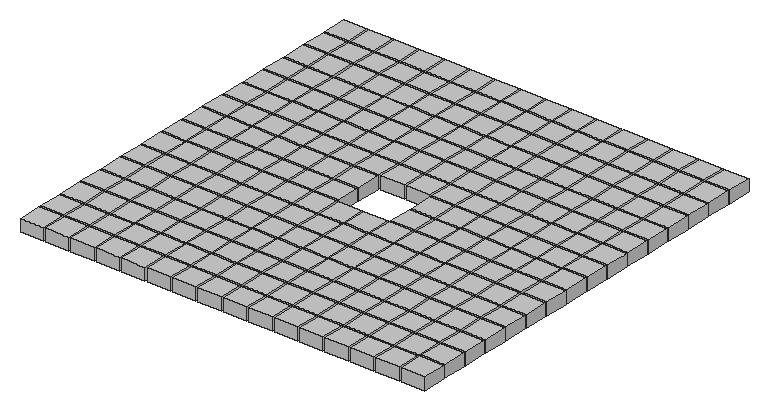
Revit family "Alcorque Ecológico", category Furniture, Revit 2020 (continued)
Reference planes (m)
  plane 4303: y = -0.5
  plane 4304: y = -0.625
  plane 4305: x = 0.75
  plane 4306: x = 0.875
  plane 4307: x = 1
  plane 4308: x = 1.25
  plane 4309: x = 1.375
  plane 4310: x = 1.5
  plane 4311: y = 0.125
  plane 4312: y = 0
  plane 4313: y = -0.125
  plane 4314: y = -0.375
  plane 4315: y = -0.5
  plane 4316: y = -0.625
  plane 4317: x = 0.875
  plane 4318: x = 1
  plane 4319: x = 1.125
  plane 4320: x = 1.375
  plane 4321: x = 1.5
  plane 4322: x = 1.625
  plane 4323: y = 0.125
  plane 4324: y = 0
  plane 4325: y = -0.125
  plane 4326: y = -0.375
  plane 4327: y = -0.5
  plane 4328: y = -0.625
  plane 4329: x = 1
  plane 4330: x = 1.125
  plane 4331: x = 1.25
  plane 4332: x = 1.5
  plane 4333: x = 1.625
  plane 4334: x = 1.75
  plane 4335: y = 0.125
  plane 4336: y = 0
  plane 4337: y = -0.125
  plane 4338: y = -0.375
  plane 4339: y = -0.5
  plane 4340: y = -0.625
  plane 4341: x = 0.625
  plane 4342: x = 0.75
  plane 4343: x = 0.875
  plane 4344: x = 1.125
  plane 4345: x = 1.25
  plane 4346: x = 1.375
  plane 4347: y = 0
  plane 4348: y = -0.125
  plane 4349: y = -0.25
  plane 4350: y = -0.5
  plane 4351: y = -0.625
  plane 4352: y = -0.75
  plane 4353: x = 0.75
  plane 4354: x = 0.875
  plane 4355: x = 1
  plane 4356: x = 1.25
  plane 4357: x = 1.375
  plane 4358: x = 1.5
  plane 4359: y = 0
  plane 4360: y = -0.125
  plane 4361: y = -0.25
  plane 4362: y = -0.5
  plane 4363: y = -0.625
  plane 4364: y = -0.75
  plane 4365: x = 0.875
  plane 4366: x = 1
  plane 4367: x = 1.125
  plane 4368: x = 1.375
  plane 4369: x = 1.5
  plane 4370: x = 1.625
  plane 4371: y = 0
  plane 4372: y = -0.125
  plane 4373: y = -0.25
  plane 4374: y = -0.5
  plane 4375: y = -0.625
  plane 4376: y = -0.75
  plane 4377: x = 1
  plane 4378: x = 1.125
  plane 4379: x = 1.25
  plane 4380: x = 1.5
  plane 4381: x = 1.625
  plane 4382: x = 1.75
  plane 4383: y = 0
  plane 4384: y = -0.125
  plane 4385: y = -0.25
  plane 4386: y = -0.5
  plane 4387: y = -0.625
  plane 4388: y = -0.75
  plane 4389: x = 0.625
  plane 4390: x = 0.75
  plane 4391: x = 0.875
  plane 4392: x = 1.125
  plane 4393: x = 1.25
  plane 4394: x = 1.375
  plane 4395: y = 0.5
  plane 4396: y = 0.375
  plane 4397: y = 0.25
  plane 4398: y = 0
  plane 4399: y = -0.125
  plane 4400: y = -0.25
  plane 4401: x = 0.625
  plane 4402: x = 0.75
  plane 4403: x = 0.875
  plane 4404: x = 1.125
  plane 4405: x = 1.25
  plane 4406: x = 1.375
  plane 4407: y = 0.375
  plane 4408: y = 0.25
  plane 4409: y = 0.125
  plane 4410: y = -0.125
  plane 4411: y = -0.25
  plane 4412: y = -0.375
  plane 4413: x = 0.75
  plane 4414: x = 0.875
  plane 4415: x = 1
  plane 4416: x = 1.25
  plane 4417: x = 1.375
  plane 4418: x = 1.5
  plane 4419: y = -0.125
  plane 4420: y = -0.25
  plane 4421: y = -0.375
  plane 4422: y = -0.625
  plane 4423: y = -0.75
  plane 4424: y = -0.875
  plane 4425: x = 0.875
  plane 4426: x = 1
  plane 4427: x = 1.125
  plane 4428: x = 1.375
  plane 4429: x = 1.5
  plane 4430: x = 1.625
  plane 4431: y = -0.125
  plane 4432: y = -0.25
  plane 4433: y = -0.375
  plane 4434: y = -0.625
  plane 4435: y = -0.75
  plane 4436: y = -0.875
  plane 4437: x = 1
  plane 4438: x = 1.125
  plane 4439: x = 1.25
  plane 4440: x = 1.5
  plane 4441: x = 1.625
  plane 4442: x = 1.75
  plane 4443: y = -0.125
  plane 4444: y = -0.25
  plane 4445: y = -0.375
  plane 4446: y = -0.625
  plane 4447: y = -0.75
  plane 4448: y = -0.875
  plane 4449: x = 0.625
  plane 4450: x = 0.75
  plane 4451: x = 0.875
  plane 4452: x = 1.125
  plane 4453: x = 1.25
  plane 4454: x = 1.375
  plane 4455: y = -0.25
  plane 4456: y = -0.375
  plane 4457: y = -0.5
  plane 4458: y = -0.75
  plane 4459: y = -0.875
  plane 4460: y = -1
  plane 4461: x = 0.75
  plane 4462: x = 0.875
  plane 4463: x = 1
  plane 4464: x = 1.25
  plane 4465: x = 1.375
  plane 4466: x = 1.5
  plane 4467: y = -0.25
  plane 4468: y = -0.375
  plane 4469: y = -0.5
  plane 4470: y = -0.75
  plane 4471: y = -0.875
  plane 4472: y = -1
  plane 4473: x = 0.875
  plane 4474: x = 1
  plane 4475: x = 1.125
  plane 4476: x = 1.375
  plane 4477: x = 1.5
  plane 4478: x = 1.625
  plane 4479: y = -0.25
  plane 4480: y = -0.375
  plane 4481: y = -0.5
  plane 4482: y = -0.75
  plane 4483: y = -0.875
  plane 4484: y = -1
  plane 4485: x = 1
  plane 4486: x = 1.125
  plane 4487: x = 1.25
  plane 4488: x = 1.5
  plane 4489: x = 1.625
  plane 4490: x = 1.75
  plane 4491: y = -0.25
  plane 4492: y = -0.375
  plane 4493: y = -0.5
  plane 4494: y = -0.75
  plane 4495: y = -0.875
  plane 4496: y = -1
  plane 4497: x = 0.625
  plane 4498: x = 0.75
  plane 4499: x = 0.875
  plane 4500: x = 1.125
  plane 4501: x = 1.25
  plane 4502: x = 1.375
  plane 4503: y = -0.375
  plane 4504: y = -0.5
  plane 4505: y = -0.625
  plane 4506: y = -0.875
  plane 4507: y = -1
  plane 4508: y = -1.125
  plane 4509: x = 0.75
  plane 4510: x = 0.875
  plane 4511: x = 1
  plane 4512: x = 1.25
  plane 4513: x = 1.375
  plane 4514: x = 1.5
  plane 4515: y = -0.375
  plane 4516: y = -0.5
  plane 4517: y = -0.625
  plane 4518: y = -0.875
  plane 4519: y = -1
  plane 4520: y = -1.125
  plane 4521: x = 0.875
  plane 4522: x = 1
  plane 4523: x = 1.125
  plane 4524: x = 1.375
  plane 4525: x = 1.5
  plane 4526: x = 1.625
  plane 4527: y = -0.375
  plane 4528: y = -0.5
  plane 4529: y = -0.625
  plane 4530: y = -0.875
  plane 4531: y = -1
  plane 4532: y = -1.125
  plane 4533: x = 1
  plane 4534: x = 1.125
  plane 4535: x = 1.25
  plane 4536: x = 1.5
  plane 4537: x = 1.625
  plane 4538: x = 1.75
  plane 4539: y = -0.375
  plane 4540: y = -0.5
  plane 4541: y = -0.625
  plane 4542: y = -0.875
  plane 4543: y = -1
  plane 4544: y = -1.125
  plane 4545: x = 0.625
  plane 4546: x = 0.75
  plane 4547: x = 0.875
  plane 4548: x = 1.125
  plane 4549: x = 1.25
  plane 4550: x = 1.375
  plane 4551: y = -0.5
  plane 4552: y = -0.625
  plane 4553: y = -0.75
  plane 4554: y = -1
  plane 4555: y = -1.125
  plane 4556: y = -1.25
  plane 4557: x = 0.75
  plane 4558: x = 0.875
  plane 4559: x = 1
  plane 4560: x = 1.25
  plane 4561: x = 1.375
  plane 4562: x = 1.5
  plane 4563: y = -0.5
  plane 4564: y = -0.625
  plane 4565: y = -0.75
  plane 4566: y = -1
  plane 4567: y = -1.125
  plane 4568: y = -1.25
  plane 4569: x = 0.875
  plane 4570: x = 1
  plane 4571: x = 1.125
  plane 4572: x = 1.375
  plane 4573: x = 1.5
  plane 4574: x = 1.625
  plane 4575: y = -0.5
  plane 4576: y = -0.625
  plane 4577: y = -0.75
  plane 4578: y = -1
  plane 4579: y = -1.125
  plane 4580: y = -1.25
  plane 4581: x = 1
  plane 4582: x = 1.125
  plane 4583: x = 1.25
  plane 4584: x = 1.5
  plane 4585: x = 1.625
  plane 4586: x = 1.75
  plane 4587: y = -0.5
  plane 4588: y = -0.625
  plane 4589: y = -0.75
  plane 4590: y = -1
  plane 4591: y = -1.125
  plane 4592: y = -1.25
  plane 4593: x = 0.625
  plane 4594: x = 0.75
  plane 4595: x = 0.875
  plane 4596: x = 1.125
  plane 4597: x = 1.25
  plane 4598: x = 1.375
  plane 4599: y = -0.125
  plane 4600: y = -0.25
  plane 4601: y = -0.375
  plane 4602: y = -0.625
  plane 4603: y = -0.75
  plane 4604: y = -0.875
  plane 4605: x = -0.875
  plane 4606: x = -0.75
  plane 4607: x = -0.625
  plane 4608: x = -0.375
  plane 4609: x = -0.25
  plane 4610: x = -0.125
  plane 4611: y = -0.625
  plane 4612: y = -0.75
  plane 4613: y = -0.875
  plane 4614: y = -1.125
  plane 4615: y = -1.25
  plane 4616: y = -1.375
  plane 4617: x = -0.75
  plane 4618: x = -0.625
  plane 4619: x = -0.5
  plane 4620: x = -0.25
  plane 4621: x = -0.125
  plane 4622: x = 0
  plane 4623: y = -0.625
  plane 4624: y = -0.75
  plane 4625: y = -0.875
  plane 4626: y = -1.125
  plane 4627: y = -1.25
  plane 4628: y = -1.375
  plane 4629: x = -0.625
  plane 4630: x = -0.5
  plane 4631: x = -0.375
  plane 4632: x = -0.125
  plane 4633: x = 0
  plane 4634: x = 0.125
  plane 4635: y = -0.625
  plane 4636: y = -0.75
  plane 4637: y = -0.875
  plane 4638: y = -1.125
  plane 4639: y = -1.25
  plane 4640: y = -1.375
  plane 4641: x = -0.25
  plane 4642: x = -0.125
  plane 4643: x = 0
  plane 4644: x = 0.25
  plane 4645: x = 0.375
  plane 4646: x = 0.5
  plane 4647: y = -0.625
  plane 4648: y = -0.75
  plane 4649: y = -0.875
  plane 4650: y = -1.125
  plane 4651: y = -1.25
  plane 4652: y = -1.375
  plane 4653: x = -0.125
  plane 4654: x = 0
  plane 4655: x = 0.125
  plane 4656: x = 0.375
  plane 4657: x = 0.5
  plane 4658: x = 0.625
  plane 4659: y = -0.625
  plane 4660: y = -0.75
  plane 4661: y = -0.875
  plane 4662: y = -1.125
  plane 4663: y = -1.25
  plane 4664: y = -1.375
  plane 4665: x = 0
  plane 4666: x = 0.125
  plane 4667: x = 0.25
  plane 4668: x = 0.5
  plane 4669: x = 0.625
  plane 4670: x = 0.75
  plane 4671: y = -0.625
  plane 4672: y = -0.75
  plane 4673: y = -0.875
  plane 4674: y = -1.125
  plane 4675: y = -1.25
  plane 4676: y = -1.375
  plane 4677: x = -0.875
  plane 4678: x = -0.75
  plane 4679: x = -0.625
  plane 4680: x = -0.375
  plane 4681: x = -0.25
  plane 4682: x = -0.125
  plane 4683: y = -0.75
  plane 4684: y = -0.875
  plane 4685: y = -1
  plane 4686: y = -1.25
  plane 4687: y = -1.375
  plane 4688: y = -1.5
  plane 4689: x = -0.75
  plane 4690: x = -0.625
  plane 4691: x = -0.5
  plane 4692: x = -0.25
  plane 4693: x = -0.125
  plane 4694: x = 0
  plane 4695: y = -0.75
  plane 4696: y = -0.875
  plane 4697: y = -1
  plane 4698: y = -1.25
  plane 4699: y = -1.375
  plane 4700: y = -1.5
  plane 4701: x = -0.625
  plane 4702: x = -0.5
  plane 4703: x = -0.375
  plane 4704: x = -0.125
  plane 4705: x = 0
  plane 4706: x = 0.125
  plane 4707: y = -0.75
  plane 4708: y = -0.875
  plane 4709: y = -1
  plane 4710: y = -1.25
  plane 4711: y = -1.375
  plane 4712: y = -1.5
  plane 4713: x = -0.5
  plane 4714: x = -0.375
  plane 4715: x = -0.25
  plane 4716: x = 0
  plane 4717: x = 0.125
  plane 4718: x = 0.25
  plane 4719: y = -0.75
  plane 4720: y = -0.875
  plane 4721: y = -1
  plane 4722: y = -1.25
  plane 4723: y = -1.375
  plane 4724: y = -1.5
  plane 4725: x = -0.375
  plane 4726: x = -0.25
  plane 4727: x = -0.125
  plane 4728: x = 0.125
  plane 4729: x = 0.25
  plane 4730: x = 0.375
  plane 4731: y = -0.75
  plane 4732: y = -0.875
  plane 4733: y = -1
  plane 4734: y = -1.25
  plane 4735: y = -1.375
  plane 4736: y = -1.5
  plane 4737: x = -0.25
  plane 4738: x = -0.125
  plane 4739: x = 0
  plane 4740: x = 0.25
  plane 4741: x = 0.375
  plane 4742: x = 0.5
  plane 4743: y = -0.75
  plane 4744: y = -0.875
  plane 4745: y = -1
  plane 4746: y = -1.25
  plane 4747: y = -1.375
  plane 4748: y = -1.5
  plane 4749: x = -0.125
  plane 4750: x = 0
  plane 4751: x = 0.125
  plane 4752: x = 0.375
  plane 4753: x = 0.5
  plane 4754: x = 0.625
  plane 4755: y = -0.75
  plane 4756: y = -0.875
  plane 4757: y = -1
  plane 4758: y = -1.25
  plane 4759: y = -1.375
  plane 4760: y = -1.5
  plane 4761: x = 0
  plane 4762: x = 0.125
  plane 4763: x = 0.25
  plane 4764: x = 0.5
  plane 4765: x = 0.625
  plane 4766: x = 0.75
  plane 4767: y = -0.75
  plane 4768: y = -0.875
  plane 4769: y = -1
  plane 4770: y = -1.25
  plane 4771: y = -1.375
  plane 4772: y = -1.5
  plane 4773: x = -0.875
  plane 4774: x = -0.75
  plane 4775: x = -0.625
  plane 4776: x = -0.375
  plane 4777: x = -0.25
  plane 4778: x = -0.125
  plane 4779: y = -0.875
  plane 4780: y = -1
  plane 4781: y = -1.125
  plane 4782: y = -1.375
  plane 4783: y = -1.5
  plane 4784: y = -1.625
  plane 4785: x = -0.75
  plane 4786: x = -0.625
  plane 4787: x = -0.5
  plane 4788: x = -0.25
  plane 4789: x = -0.125
  plane 4790: x = 0
  plane 4791: y = -0.875
  plane 4792: y = -1
  plane 4793: y = -1.125
  plane 4794: y = -1.375
  plane 4795: y = -1.5
  plane 4796: y = -1.625
  plane 4797: x = -0.625
  plane 4798: x = -0.5
  plane 4799: x = -0.375
  plane 4800: x = -0.125
  plane 4801: x = 0
  plane 4802: x = 0.125
  plane 4803: y = -0.875
  plane 4804: y = -1
  plane 4805: y = -1.125
  plane 4806: y = -1.375
  plane 4807: y = -1.5
  plane 4808: y = -1.625
  plane 4809: x = -0.5
  plane 4810: x = -0.375
  plane 4811: x = -0.25
  plane 4812: x = 0
  plane 4813: x = 0.125
  plane 4814: x = 0.25
  plane 4815: y = -0.875
  plane 4816: y = -1
  plane 4817: y = -1.125
  plane 4818: y = -1.375
  plane 4819: y = -1.5
  plane 4820: y = -1.625
  plane 4821: x = -0.375
  plane 4822: x = -0.25
  plane 4823: x = -0.125
  plane 4824: x = 0.125
  plane 4825: x = 0.25
  plane 4826: x = 0.375
  plane 4827: y = -0.875
  plane 4828: y = -1
  plane 4829: y = -1.125
  plane 4830: y = -1.375
  plane 4831: y = -1.5
  plane 4832: y = -1.625
  plane 4833: x = -0.25
  plane 4834: x = -0.125
  plane 4835: x = 0
  plane 4836: x = 0.25
  plane 4837: x = 0.375
  plane 4838: x = 0.5
  plane 4839: y = -0.875
  plane 4840: y = -1
  plane 4841: y = -1.125
  plane 4842: y = -1.375
  plane 4843: y = -1.5
  plane 4844: y = -1.625
  plane 4845: x = -0.125
  plane 4846: x = 0
  plane 4847: x = 0.125
  plane 4848: x = 0.375
  plane 4849: x = 0.5
  plane 4850: x = 0.625
  plane 4851: y = -0.875
  plane 4852: y = -1
  plane 4853: y = -1.125
  plane 4854: y = -1.375
  plane 4855: y = -1.5
  plane 4856: y = -1.625
  plane 4857: x = 0
  plane 4858: x = 0.125
  plane 4859: x = 0.25
  plane 4860: x = 0.5
  plane 4861: x = 0.625
  plane 4862: x = 0.75
  plane 4863: y = -0.875
  plane 4864: y = -1
  plane 4865: y = -1.125
  plane 4866: y = -1.375
  plane 4867: y = -1.5
  plane 4868: y = -1.625
  plane 4869: x = -0.875
  plane 4870: x = -0.75
  plane 4871: x = -0.625
  plane 4872: x = -0.375
  plane 4873: x = -0.25
  plane 4874: x = -0.125
  plane 4875: y = -1
  plane 4876: y = -1.125
  plane 4877: y = -1.25
  plane 4878: y = -1.5
  plane 4879: y = -1.625
  plane 4880: y = -1.75
  plane 4881: x = -0.75
  plane 4882: x = -0.625
  plane 4883: x = -0.5
  plane 4884: x = -0.25
  plane 4885: x = -0.125
  plane 4886: x = 0
  plane 4887: y = -1
  plane 4888: y = -1.125
  plane 4889: y = -1.25
  plane 4890: y = -1.5
  plane 4891: y = -1.625
  plane 4892: y = -1.75
  plane 4893: x = -0.625
  plane 4894: x = -0.5
  plane 4895: x = -0.375
  plane 4896: x = -0.125
  plane 4897: x = 0
  plane 4898: x = 0.125
  plane 4899: y = -1
  plane 4900: y = -1.125
  plane 4901: y = -1.25
  plane 4902: y = -1.5
  plane 4903: y = -1.625
  plane 4904: y = -1.75
  plane 4905: x = -0.5
  plane 4906: x = -0.375
  plane 4907: x = -0.25
  plane 4908: x = 0
  plane 4909: x = 0.125
  plane 4910: x = 0.25
  plane 4911: y = -1
  plane 4912: y = -1.125
  plane 4913: y = -1.25
  plane 4914: y = -1.5
  plane 4915: y = -1.625
  plane 4916: y = -1.75
  plane 4917: x = -0.375
  plane 4918: x = -0.25
  plane 4919: x = -0.125
  plane 4920: x = 0.125
  plane 4921: x = 0.25
  plane 4922: x = 0.375
  plane 4923: y = -1
  plane 4924: y = -1.125
  plane 4925: y = -1.25
  plane 4926: y = -1.5
  plane 4927: y = -1.625
  plane 4928: y = -1.75
  plane 4929: x = -0.25
  plane 4930: x = -0.125
  plane 4931: x = 0
  plane 4932: x = 0.25
  plane 4933: x = 0.375
  plane 4934: x = 0.5
  plane 4935: y = -1
  plane 4936: y = -1.125
  plane 4937: y = -1.25
  plane 4938: y = -1.5
  plane 4939: y = -1.625
  plane 4940: y = -1.75
  plane 4941: x = -0.125
  plane 4942: x = 0
  plane 4943: x = 0.125
  plane 4944: x = 0.375
  plane 4945: x = 0.5
  plane 4946: x = 0.625
  plane 4947: y = -1
  plane 4948: y = -1.125
  plane 4949: y = -1.25
  plane 4950: y = -1.5
  plane 4951: y = -1.625
  plane 4952: y = -1.75
  plane 4953: x = 0
  plane 4954: x = 0.125
  plane 4955: x = 0.25
  plane 4956: x = 0.5
  plane 4957: x = 0.625
  plane 4958: x = 0.75
  plane 4959: y = -1
  plane 4960: y = -1.125
  plane 4961: y = -1.25
  plane 4962: y = -1.5
  plane 4963: y = -1.625
  plane 4964: y = -1.75
  plane 4965: x = 0.25
  plane 4966: x = 0.375
  plane 4967: x = 0.5
  plane 4968: x = 0.75
  plane 4969: x = 0.875
  plane 4970: x = 1
  plane 4971: y = -0.625
  plane 4972: y = -0.75
  plane 4973: y = -0.875
  plane 4974: y = -1.125
  plane 4975: y = -1.25
  plane 4976: y = -1.375
  plane 4977: x = 0.375
  plane 4978: x = 0.5
  plane 4979: x = 0.625
  plane 4980: x = 0.875
  plane 4981: x = 1
  plane 4982: x = 1.125
  plane 4983: y = -0.625
  plane 4984: y = -0.75
  plane 4985: y = -0.875
  plane 4986: y = -1.125
  plane 4987: y = -1.25
  plane 4988: y = -1.375
  plane 4989: x = 0.5
  plane 4990: x = 0.625
  plane 4991: x = 0.75
  plane 4992: x = 1
  plane 4993: x = 1.125
  plane 4994: x = 1.25
  plane 4995: y = -0.625
  plane 4996: y = -0.75
  plane 4997: y = -0.875
  plane 4998: y = -1.125
  plane 4999: y = -1.25
  plane 5000: y = -1.375
  plane 5001: x = 0.125
  plane 5002: x = 0.25
  plane 5003: x = 0.375
  plane 5004: x = 0.625
  plane 5005: x = 0.75
  plane 5006: x = 0.875
  plane 5007: y = -0.75
  plane 5008: y = -0.875
  plane 5009: y = -1
  plane 5010: y = -1.25
  plane 5011: y = -1.375
  plane 5012: y = -1.5
  plane 5013: x = 0.25
  plane 5014: x = 0.375
  plane 5015: x = 0.5
  plane 5016: x = 0.75
  plane 5017: x = 0.875
  plane 5018: x = 1
  plane 5019: y = -0.75
  plane 5020: y = -0.875
  plane 5021: y = -1
  plane 5022: y = -1.25
  plane 5023: y = -1.375
  plane 5024: y = -1.5
  plane 5025: x = 0.375
  plane 5026: x = 0.5
  plane 5027: x = 0.625
  plane 5028: x = 0.875
  plane 5029: x = 1
  plane 5030: x = 1.125
  plane 5031: y = -0.75
  plane 5032: y = -0.875
  plane 5033: y = -1
  plane 5034: y = -1.25
  plane 5035: y = -1.375
  plane 5036: y = -1.5
  plane 5037: x = 0.5
  plane 5038: x = 0.625
  plane 5039: x = 0.75
  plane 5040: x = 1
  plane 5041: x = 1.125
  plane 5042: x = 1.25
  plane 5043: y = -0.75
  plane 5044: y = -0.875
  plane 5045: y = -1
  plane 5046: y = -1.25
  plane 5047: y = -1.375
  plane 5048: y = -1.5
  plane 5049: x = 0.125
  plane 5050: x = 0.25
  plane 5051: x = 0.375
  plane 5052: x = 0.625
  plane 5053: x = 0.75
  plane 5054: x = 0.875
  plane 5055: y = -0.875
  plane 5056: y = -1
  plane 5057: y = -1.125
  plane 5058: y = -1.375
  plane 5059: y = -1.5
  plane 5060: y = -1.625
  plane 5061: x = 0.25
  plane 5062: x = 0.375
  plane 5063: x = 0.5
  plane 5064: x = 0.75
  plane 5065: x = 0.875
  plane 5066: x = 1
  plane 5067: y = -0.875
  plane 5068: y = -1
  plane 5069: y = -1.125
  plane 5070: y = -1.375
  plane 5071: y = -1.5
  plane 5072: y = -1.625
  plane 5073: x = 0.375
  plane 5074: x = 0.5
  plane 5075: x = 0.625
  plane 5076: x = 0.875
  plane 5077: x = 1
  plane 5078: x = 1.125
  plane 5079: y = -0.875
  plane 5080: y = -1
  plane 5081: y = -1.125
  plane 5082: y = -1.375
  plane 5083: y = -1.5
  plane 5084: y = -1.625
  plane 5085: x = 0.5
  plane 5086: x = 0.625
  plane 5087: x = 0.75
  plane 5088: x = 1
  plane 5089: x = 1.125
  plane 5090: x = 1.25
  plane 5091: y = -0.875
  plane 5092: y = -1
  plane 5093: y = -1.125
  plane 5094: y = -1.375
  plane 5095: y = -1.5
  plane 5096: y = -1.625
  plane 5097: x = 0.125
  plane 5098: x = 0.25
  plane 5099: x = 0.375
  plane 5100: x = 0.625
  plane 5101: x = 0.75
  plane 5102: x = 0.875
  plane 5103: y = -1
  plane 5104: y = -1.125
  plane 5105: y = -1.25
  plane 5106: y = -1.5
  plane 5107: y = -1.625
  plane 5108: y = -1.75
  plane 5109: x = 0.25
  plane 5110: x = 0.375
  plane 5111: x = 0.5
  plane 5112: x = 0.75
  plane 5113: x = 0.875
  plane 5114: x = 1
  plane 5115: y = -1
  plane 5116: y = -1.125
  plane 5117: y = -1.25
  plane 5118: y = -1.5
  plane 5119: y = -1.625
  plane 5120: y = -1.75
  plane 5121: x = 0.375
  plane 5122: x = 0.5
  plane 5123: x = 0.625
  plane 5124: x = 0.875
  plane 5125: x = 1
  plane 5126: x = 1.125
  plane 5127: y = -1
  plane 5128: y = -1.125
  plane 5129: y = -1.25
  plane 5130: y = -1.5
  plane 5131: y = -1.625
  plane 5132: y = -1.75
  plane 5133: x = 0.5
  plane 5134: x = 0.625
  plane 5135: x = 0.75
  plane 5136: x = 1
  plane 5137: x = 1.125
  plane 5138: x = 1.25
  plane 5139: y = -1
  plane 5140: y = -1.125
  plane 5141: y = -1.25
  plane 5142: y = -1.5
  plane 5143: y = -1.625
  plane 5144: y = -1.75
  plane 5145: x = -0.5
  plane 5146: x = -0.375
  plane 5147: x = -0.25
  plane 5148: x = 0
  plane 5149: x = 0.125
  plane 5150: x = 0.25
  plane 5151: y = -0.625
  plane 5152: y = -0.75
  plane 5153: y = -0.875
  plane 5154: y = -1.125
  plane 5155: y = -1.25
  plane 5156: y = -1.375
  plane 5157: x = -0.375
  plane 5158: x = -0.25
  plane 5159: x = -0.125
  plane 5160: x = 0.125
  plane 5161: x = 0.25
  plane 5162: x = 0.375
  plane 5163: y = -0.625
  plane 5164: y = -0.75
  plane 5165: y = -0.875
  plane 5166: y = -1.125
  plane 5167: y = -1.25
  plane 5168: y = -1.375
  plane 5169: x = 0.125
  plane 5170: x = 0.25
  plane 5171: x = 0.375
  plane 5172: x = 0.625
  plane 5173: x = 0.75
  plane 5174: x = 0.875
  plane 5175: y = -0.625
  plane 5176: y = -0.75
  plane 5177: y = -0.875
  plane 5178: y = -1.125
  plane 5179: y = -1.25
  plane 5180: y = -1.375
  plane 5181: x = 0.75
  plane 5182: x = 0.875
  plane 5183: x = 1
  plane 5184: x = 1.25
  plane 5185: x = 1.375
  plane 5186: x = 1.5
  plane 5187: y = -0.625
  plane 5188: y = -0.75
  plane 5189: y = -0.875
  plane 5190: y = -1.125
  plane 5191: y = -1.25
  plane 5192: y = -1.375
  plane 5193: x = 0.875
  plane 5194: x = 1
  plane 5195: x = 1.125
  plane 5196: x = 1.375
  plane 5197: x = 1.5
  plane 5198: x = 1.625
  plane 5199: y = -0.625
  plane 5200: y = -0.75
  plane 5201: y = -0.875
  plane 5202: y = -1.125
  plane 5203: y = -1.25
  plane 5204: y = -1.375
  plane 5205: x = 1
  plane 5206: x = 1.125
  plane 5207: x = 1.25
  plane 5208: x = 1.5
  plane 5209: x = 1.625
  plane 5210: x = 1.75
  plane 5211: y = -0.625
  plane 5212: y = -0.75
  plane 5213: y = -0.875
  plane 5214: y = -1.125
  plane 5215: y = -1.25
  plane 5216: y = -1.375
  plane 5217: x = 0.625
  plane 5218: x = 0.75
  plane 5219: x = 0.875
  plane 5220: x = 1.125
  plane 5221: x = 1.25
  plane 5222: x = 1.375
  plane 5223: y = -0.75
  plane 5224: y = -0.875
  plane 5225: y = -1
  plane 5226: y = -1.25
  plane 5227: y = -1.375
  plane 5228: y = -1.5
  plane 5229: x = 0.75
  plane 5230: x = 0.875
  plane 5231: x = 1
  plane 5232: x = 1.25
  plane 5233: x = 1.375
  plane 5234: x = 1.5
  plane 5235: y = -0.75
  plane 5236: y = -0.875
  plane 5237: y = -1
  plane 5238: y = -1.25
  plane 5239: y = -1.375
  plane 5240: y = -1.5
  plane 5241: x = 0.875
  plane 5242: x = 1
  plane 5243: x = 1.125
  plane 5244: x = 1.375
  plane 5245: x = 1.5
  plane 5246: x = 1.625
  plane 5247: y = -0.75
  plane 5248: y = -0.875
  plane 5249: y = -1
  plane 5250: y = -1.25
  plane 5251: y = -1.375
  plane 5252: y = -1.5
  plane 5253: x = 1
  plane 5254: x = 1.125
  plane 5255: x = 1.25
  plane 5256: x = 1.5
  plane 5257: x = 1.625
  plane 5258: x = 1.75
  plane 5259: y = -0.75
  plane 5260: y = -0.875
  plane 5261: y = -1
  plane 5262: y = -1.25
  plane 5263: y = -1.375
  plane 5264: y = -1.5
  plane 5265: x = 0.625
  plane 5266: x = 0.75
  plane 5267: x = 0.875
  plane 5268: x = 1.125
  plane 5269: x = 1.25
  plane 5270: x = 1.375
  plane 5271: y = -0.875
  plane 5272: y = -1
  plane 5273: y = -1.125
  plane 5274: y = -1.375
  plane 5275: y = -1.5
  plane 5276: y = -1.625
  plane 5277: x = 0.75
  plane 5278: x = 0.875
  plane 5279: x = 1
  plane 5280: x = 1.25
  plane 5281: x = 1.375
  plane 5282: x = 1.5
  plane 5283: y = -0.875
  plane 5284: y = -1
  plane 5285: y = -1.125
  plane 5286: y = -1.375
  plane 5287: y = -1.5
  plane 5288: y = -1.625
  plane 5289: x = 0.875
  plane 5290: x = 1
  plane 5291: x = 1.125
  plane 5292: x = 1.375
  plane 5293: x = 1.5
  plane 5294: x = 1.625
  plane 5295: y = -0.875
  plane 5296: y = -1
  plane 5297: y = -1.125
  plane 5298: y = -1.375
  plane 5299: y = -1.5
  plane 5300: y = -1.625
  plane 5301: x = 1
  plane 5302: x = 1.125
  plane 5303: x = 1.25
  plane 5304: x = 1.5
  plane 5305: x = 1.625
  plane 5306: x = 1.75
  plane 5307: y = -0.875
  plane 5308: y = -1
  plane 5309: y = -1.125
  plane 5310: y = -1.375
  plane 5311: y = -1.5
  plane 5312: y = -1.625
  plane 5313: x = 0.625
  plane 5314: x = 0.75
  plane 5315: x = 0.875
  plane 5316: x = 1.125
  plane 5317: x = 1.25
  plane 5318: x = 1.375
  plane 5319: y = -1
  plane 5320: y = -1.125
  plane 5321: y = -1.25
  plane 5322: y = -1.5
  plane 5323: y = -1.625
  plane 5324: y = -1.75
  plane 5325: x = 0.75
  plane 5326: x = 0.875
  plane 5327: x = 1
  plane 5328: x = 1.25
  plane 5329: x = 1.375
  plane 5330: x = 1.5
  plane 5331: y = -1
  plane 5332: y = -1.125
  plane 5333: y = -1.25
  plane 5334: y = -1.5
  plane 5335: y = -1.625
  plane 5336: y = -1.75
  plane 5337: x = 0.875
  plane 5338: x = 1
  plane 5339: x = 1.125
  plane 5340: x = 1.375
  plane 5341: x = 1.5
  plane 5342: x = 1.625
  plane 5343: y = -1
  plane 5344: y = -1.125
  plane 5345: y = -1.25
  plane 5346: y = -1.5
  plane 5347: y = -1.625
  plane 5348: y = -1.75
  plane 5349: x = 1
  plane 5350: x = 1.125
  plane 5351: x = 1.25
  plane 5352: x = 1.5
  plane 5353: x = 1.625
  plane 5354: x = 1.75
  plane 5355: y = -1
  plane 5356: y = -1.125
  plane 5357: y = -1.25
  plane 5358: y = -1.5
  plane 5359: y = -1.625
  plane 5360: y = -1.75
  plane 5361: x = 0.625
  plane 5362: x = 0.75
  plane 5363: x = 0.875
  plane 5364: x = 1.125
  plane 5365: x = 1.25
  plane 5366: x = 1.375
  plane 5367: y = -0.625
  plane 5368: y = -0.75
  plane 5369: y = -0.875
  plane 5370: y = -1.125
  plane 5371: y = -1.25
  plane 5372: y = -1.375
  plane 5373: x = -0.25
  plane 5374: x = -0.125
  plane 5375: x = 0
  plane 5376: x = 0.25
  plane 5377: x = 0.375
  plane 5378: x = 0.5
  plane 5379: y = 0.25
  plane 5380: y = 0.125
  plane 5381: y = 0
  plane 5382: y = -0.25
  plane 5383: y = -0.375
  plane 5384: y = -0.5
  plane 5385: x = -0.125
  plane 5386: x = 0
  plane 5387: x = 0.125
  plane 5388: x = 0.375
  plane 5389: x = 0.5
  plane 5390: x = 0.625
  plane 5391: y = 0.25
  plane 5392: y = 0.125
  plane 5393: y = 0
  plane 5394: y = -0.25
  plane 5395: y = -0.375
  plane 5396: y = -0.5
  plane 5397: x = -0.25
  plane 5398: x = -0.125
  plane 5399: x = 0
  plane 5400: x = 0.25
  plane 5401: x = 0.375
  plane 5402: x = 0.5
  plane 5403: y = 0.125
  plane 5404: y = 0
  plane 5405: y = -0.125
  plane 5406: y = -0.375
  plane 5407: y = -0.5
  plane 5408: y = -0.625
  plane 5409: x = -0.125
  plane 5410: x = 0
  plane 5411: x = 0.125
  plane 5412: x = 0.375
  plane 5413: x = 0.5
  plane 5414: x = 0.625
  plane 5415: y = 0.125
  plane 5416: y = 0
  plane 5417: y = -0.125
  plane 5418: y = -0.375
  plane 5419: y = -0.5
  plane 5420: y = -0.625
  plane 5421: x = -0.25
  plane 5422: x = -0.125
  plane 5423: x = 0
  plane 5424: x = 0.25
  plane 5425: x = 0.375
  plane 5426: x = 0.5
  plane 5427: y = 0.375
  plane 5428: y = 0.25
  plane 5429: y = 0.125
  plane 5430: y = -0.125
  plane 5431: y = -0.25
  plane 5432: y = -0.375
  plane 5433: x = -0.125
  plane 5434: x = 0
  plane 5435: x = 0.125
  plane 5436: x = 0.375
  plane 5437: x = 0.5
  plane 5438: x = 0.625
  plane 5439: y = 0.375
  plane 5440: y = 0.25
  plane 5441: y = 0.125
  plane 5442: y = -0.125
  plane 5443: y = -0.25
  plane 5444: y = -0.375
  plane 5445: x = 0
  plane 5446: x = 0.125
  plane 5447: x = 0.25
  plane 5448: x = 0.5
  plane 5449: x = 0.625
  plane 5450: x = 0.75
  plane 5451: y = 0.375
  plane 5452: y = 0.25
  plane 5453: y = 0.125
  plane 5454: y = -0.125
  plane 5455: y = -0.25
  plane 5456: y = -0.375
  plane 5457: x = 0.125
  plane 5458: x = 0.25
  plane 5459: x = 0.375
  plane 5460: x = 0.625
  plane 5461: x = 0.75
  plane 5462: x = 0.875
  plane 5463: y = 0.375
  plane 5464: y = 0.25
  plane 5465: y = 0.125
  plane 5466: y = -0.125
  plane 5467: y = -0.25
  plane 5468: y = -0.375
  plane 5469: x = 0.25
  plane 5470: x = 0.375
  plane 5471: x = 0.5
  plane 5472: x = 0.75
  plane 5473: x = 0.875
  plane 5474: x = 1
  plane 5475: y = 0.375
  plane 5476: y = 0.25
  plane 5477: y = 0.125
  plane 5478: y = -0.125
  plane 5479: y = -0.25
  plane 5480: y = -0.375
  plane 5481: x = 0.375
  plane 5482: x = 0.5
  plane 5483: x = 0.625
  plane 5484: x = 0.875
  plane 5485: x = 1
  plane 5486: x = 1.125
  plane 5487: y = 0.375
  plane 5488: y = 0.25
  plane 5489: y = 0.125
  plane 5490: y = -0.125
  plane 5491: y = -0.25
  plane 5492: y = -0.375
  plane 5493: x = 0.5
  plane 5494: x = 0.625
  plane 5495: x = 0.75
  plane 5496: x = 1
  plane 5497: x = 1.125
  plane 5498: x = 1.25
  plane 5499: y = 0.375
  plane 5500: y = 0.25
  plane 5501: y = 0.125
  plane 5502: y = -0.125
  plane 5503: y = -0.25
  plane 5504: y = -0.375
  plane 5505: x = -0.375
  plane 5506: x = -0.25
  plane 5507: x = -0.125
  plane 5508: x = 0.125
  plane 5509: x = 0.25
  plane 5510: x = 0.375
  plane 5511: y = 0.25
  plane 5512: y = 0.125
  plane 5513: y = 0
  plane 5514: y = -0.25
  plane 5515: y = -0.375
  plane 5516: y = -0.5
  plane 5517: x = -0.25
  plane 5518: x = -0.125
  plane 5519: x = 0
  plane 5520: x = 0.25
  plane 5521: x = 0.375
  plane 5522: x = 0.5
  plane 5523: y = 0.25
  plane 5524: y = 0.125
  plane 5525: y = 0
  plane 5526: y = -0.25
  plane 5527: y = -0.375
  plane 5528: y = -0.5
  plane 5529: x = -0.125
  plane 5530: x = 0
  plane 5531: x = 0.125
  plane 5532: x = 0.375
  plane 5533: x = 0.5
  plane 5534: x = 0.625
  plane 5535: y = 0.25
  plane 5536: y = 0.125
  plane 5537: y = 0
  plane 5538: y = -0.25
  plane 5539: y = -0.375
  plane 5540: y = -0.5
  plane 5541: x = 0
  plane 5542: x = 0.125
  plane 5543: x = 0.25
  plane 5544: x = 0.5
  plane 5545: x = 0.625
  plane 5546: x = 0.75
  plane 5547: y = 0.25
  plane 5548: y = 0.125
  plane 5549: y = 0
  plane 5550: y = -0.25
  plane 5551: y = -0.375
  plane 5552: y = -0.5
  plane 5553: x = 0.125
  plane 5554: x = 0.25
  plane 5555: x = 0.375
  plane 5556: x = 0.625
  plane 5557: x = 0.75
  plane 5558: x = 0.875
  plane 5559: y = 0.25
  plane 5560: y = 0.125
  plane 5561: y = 0
  plane 5562: y = -0.25
  plane 5563: y = -0.375
  plane 5564: y = -0.5
  plane 5565: x = 0.25
  plane 5566: x = 0.375
  plane 5567: x = 0.5
  plane 5568: x = 0.75
  plane 5569: x = 0.875
  plane 5570: x = 1
  plane 5571: y = 0.25
  plane 5572: y = 0.125
  plane 5573: y = 0
  plane 5574: y = -0.25
  plane 5575: y = -0.375
  plane 5576: y = -0.5
  plane 5577: x = 0.375
  plane 5578: x = 0.5
  plane 5579: x = 0.625
  plane 5580: x = 0.875
  plane 5581: x = 1
  plane 5582: x = 1.125
  plane 5583: y = 0.25
  plane 5584: y = 0.125
  plane 5585: y = 0
  plane 5586: y = -0.25
  plane 5587: y = -0.375
  plane 5588: y = -0.5
  plane 5589: x = 0.5
  plane 5590: x = 0.625
  plane 5591: x = 0.75
  plane 5592: x = 1
  plane 5593: x = 1.125
  plane 5594: x = 1.25
  plane 5595: y = 0.25
  plane 5596: y = 0.125
  plane 5597: y = 0
  plane 5598: y = -0.25
  plane 5599: y = -0.375
  plane 5600: y = -0.5
  plane 5601: x = -0.375
  plane 5602: x = -0.25
  plane 5603: x = -0.125
  plane 5604: x = 0.125
  plane 5605: x = 0.25
  plane 5606: x = 0.375
  plane 5607: y = 0.125
  plane 5608: y = 0
  plane 5609: y = -0.125
  plane 5610: y = -0.375
  plane 5611: y = -0.5
  plane 5612: y = -0.625
  plane 5613: x = -0.25
  plane 5614: x = -0.125
  plane 5615: x = 0
  plane 5616: x = 0.25
  plane 5617: x = 0.375
  plane 5618: x = 0.5
  plane 5619: y = 0.125
  plane 5620: y = 0
  plane 5621: y = -0.125
  plane 5622: y = -0.375
  plane 5623: y = -0.5
  plane 5624: y = -0.625
  plane 5625: x = -0.125
  plane 5626: x = 0
  plane 5627: x = 0.125
  plane 5628: x = 0.375
  plane 5629: x = 0.5
  plane 5630: x = 0.625
  plane 5631: y = 0.125
  plane 5632: y = 0
  plane 5633: y = -0.125
  plane 5634: y = -0.375
  plane 5635: y = -0.5
  plane 5636: y = -0.625
  plane 5637: x = 0
  plane 5638: x = 0.125
  plane 5639: x = 0.25
  plane 5640: x = 0.5
  plane 5641: x = 0.625
  plane 5642: x = 0.75
  plane 5643: y = 0.125
  plane 5644: y = 0
  plane 5645: y = -0.125
  plane 5646: y = -0.375
  plane 5647: y = -0.5
  plane 5648: y = -0.625
  plane 5649: x = 0.125
  plane 5650: x = 0.25
  plane 5651: x = 0.375
  plane 5652: x = 0.625
  plane 5653: x = 0.75
  plane 5654: x = 0.875
  plane 5655: y = 0.125
  plane 5656: y = 0
  plane 5657: y = -0.125
  plane 5658: y = -0.375
  plane 5659: y = -0.5
  plane 5660: y = -0.625
  plane 5661: x = 0.25
  plane 5662: x = 0.375
  plane 5663: x = 0.5
  plane 5664: x = 0.75
  plane 5665: x = 0.875
  plane 5666: x = 1
  plane 5667: y = 0.125
  plane 5668: y = 0
  plane 5669: y = -0.125
  plane 5670: y = -0.375
  plane 5671: y = -0.5
  plane 5672: y = -0.625
  plane 5673: x = 0.375
  plane 5674: x = 0.5
  plane 5675: x = 0.625
  plane 5676: x = 0.875
  plane 5677: x = 1
  plane 5678: x = 1.125
  plane 5679: y = 0.125
  plane 5680: y = 0
  plane 5681: y = -0.125
  plane 5682: y = -0.375
  plane 5683: y = -0.5
  plane 5684: y = -0.625
  plane 5685: x = 0.5
  plane 5686: x = 0.625
  plane 5687: x = 0.75
  plane 5688: x = 1
  plane 5689: x = 1.125
  plane 5690: x = 1.25
  plane 5691: y = 0.125
  plane 5692: y = 0
  plane 5693: y = -0.125
  plane 5694: y = -0.375
  plane 5695: y = -0.5
  plane 5696: y = -0.625
  plane 5697: x = -0.375
  plane 5698: x = -0.25
  plane 5699: x = -0.125
  plane 5700: x = 0.125
  plane 5701: x = 0.25
  plane 5702: x = 0.375
  plane 5703: y = 0
  plane 5704: y = -0.125
  plane 5705: y = -0.25
  plane 5706: y = -0.5
  plane 5707: y = -0.625
  plane 5708: y = -0.75
  plane 5709: x = -0.25
  plane 5710: x = -0.125
  plane 5711: x = 0
  plane 5712: x = 0.25
  plane 5713: x = 0.375
  plane 5714: x = 0.5
  plane 5715: y = 0
  plane 5716: y = -0.125
  plane 5717: y = -0.25
  plane 5718: y = -0.5
  plane 5719: y = -0.625
  plane 5720: y = -0.75
  plane 5721: x = -0.125
  plane 5722: x = 0
  plane 5723: x = 0.125
  plane 5724: x = 0.375
  plane 5725: x = 0.5
  plane 5726: x = 0.625
  plane 5727: y = 0
  plane 5728: y = -0.125
  plane 5729: y = -0.25
  plane 5730: y = -0.5
  plane 5731: y = -0.625
  plane 5732: y = -0.75
  plane 5733: x = 0.25
  plane 5734: x = 0.375
  plane 5735: x = 0.5
  plane 5736: x = 0.75
  plane 5737: x = 0.875
  plane 5738: x = 1
  plane 5739: y = 0
  plane 5740: y = -0.125
  plane 5741: y = -0.25
  plane 5742: y = -0.5
  plane 5743: y = -0.625
  plane 5744: y = -0.75
  plane 5745: x = 0.375
  plane 5746: x = 0.5
  plane 5747: x = 0.625
  plane 5748: x = 0.875
  plane 5749: x = 1
  plane 5750: x = 1.125
  plane 5751: y = 0
  plane 5752: y = -0.125
  plane 5753: y = -0.25
  plane 5754: y = -0.5
  plane 5755: y = -0.625
  plane 5756: y = -0.75
  plane 5757: x = 0.5
  plane 5758: x = 0.625
  plane 5759: x = 0.75
  plane 5760: x = 1
  plane 5761: x = 1.125
  plane 5762: x = 1.25
  plane 5763: y = 0
  plane 5764: y = -0.125
  plane 5765: y = -0.25
  plane 5766: y = -0.5
  plane 5767: y = -0.625
  plane 5768: y = -0.75
  plane 5769: x = -0.375
  plane 5770: x = -0.25
  plane 5771: x = -0.125
  plane 5772: x = 0.125
  plane 5773: x = 0.25
  plane 5774: x = 0.375
  plane 5775: y = -0.125
  plane 5776: y = -0.25
  plane 5777: y = -0.375
  plane 5778: y = -0.625
  plane 5779: y = -0.75
  plane 5780: y = -0.875
  plane 5781: x = -0.25
  plane 5782: x = -0.125
  plane 5783: x = 0
  plane 5784: x = 0.25
  plane 5785: x = 0.375
  plane 5786: x = 0.5
  plane 5787: y = -0.125
  plane 5788: y = -0.25
  plane 5789: y = -0.375
  plane 5790: y = -0.625
  plane 5791: y = -0.75
  plane 5792: y = -0.875
  plane 5793: x = -0.125
  plane 5794: x = 0
  plane 5795: x = 0.125
  plane 5796: x = 0.375
  plane 5797: x = 0.5
  plane 5798: x = 0.625
  plane 5799: y = -0.125
  plane 5800: y = -0.25
  plane 5801: y = -0.375
  plane 5802: y = -0.625
  plane 5803: y = -0.75
  plane 5804: y = -0.875
  plane 5805: x = 0.25
  plane 5806: x = 0.375
  plane 5807: x = 0.5
  plane 5808: x = 0.75
  plane 5809: x = 0.875
  plane 5810: x = 1
  plane 5811: y = -0.125
  plane 5812: y = -0.25
  plane 5813: y = -0.375
  plane 5814: y = -0.625
  plane 5815: y = -0.75
  plane 5816: y = -0.875
  plane 5817: x = 0.375
  plane 5818: x = 0.5
  plane 5819: x = 0.625
  plane 5820: x = 0.875
  plane 5821: x = 1
  plane 5822: x = 1.125
  plane 5823: y = -0.125
  plane 5824: y = -0.25
  plane 5825: y = -0.375
  plane 5826: y = -0.625
  plane 5827: y = -0.75
  plane 5828: y = -0.875
  plane 5829: x = 0.5
  plane 5830: x = 0.625
  plane 5831: x = 0.75
  plane 5832: x = 1
  plane 5833: x = 1.125
  plane 5834: x = 1.25
  plane 5835: y = -0.125
  plane 5836: y = -0.25
  plane 5837: y = -0.375
  plane 5838: y = -0.625
  plane 5839: y = -0.75
  plane 5840: y = -0.875
  plane 5841: x = -0.375
  plane 5842: x = -0.25
  plane 5843: x = -0.125
  plane 5844: x = 0.125
  plane 5845: x = 0.25
  plane 5846: x = 0.375
  plane 5847: y = -0.25
  plane 5848: y = -0.375
  plane 5849: y = -0.5
  plane 5850: y = -0.75
  plane 5851: y = -0.875
  plane 5852: y = -1
  plane 5853: x = -0.25
  plane 5854: x = -0.125
  plane 5855: x = 0
  plane 5856: x = 0.25
  plane 5857: x = 0.375
  plane 5858: x = 0.5
  plane 5859: y = -0.25
  plane 5860: y = -0.375
  plane 5861: y = -0.5
  plane 5862: y = -0.75
  plane 5863: y = -0.875
  plane 5864: y = -1
  plane 5865: x = -0.125
  plane 5866: x = 0
  plane 5867: x = 0.125
  plane 5868: x = 0.375
  plane 5869: x = 0.5
  plane 5870: x = 0.625
  plane 5871: y = -0.25
  plane 5872: y = -0.375
  plane 5873: y = -0.5
  plane 5874: y = -0.75
  plane 5875: y = -0.875
  plane 5876: y = -1
  plane 5877: x = 0
  plane 5878: x = 0.125
  plane 5879: x = 0.25
  plane 5880: x = 0.5
  plane 5881: x = 0.625
  plane 5882: x = 0.75
  plane 5883: y = -0.25
  plane 5884: y = -0.375
  plane 5885: y = -0.5
  plane 5886: y = -0.75
  plane 5887: y = -0.875
  plane 5888: y = -1
  plane 5889: x = 0.125
  plane 5890: x = 0.25
  plane 5891: x = 0.375
  plane 5892: x = 0.625
  plane 5893: x = 0.75
  plane 5894: x = 0.875
  plane 5895: y = -0.25
  plane 5896: y = -0.375
  plane 5897: y = -0.5
  plane 5898: y = -0.75
  plane 5899: y = -0.875
  plane 5900: y = -1
  plane 5901: x = 0.25
  plane 5902: x = 0.375
  plane 5903: x = 0.5
  plane 5904: x = 0.75
  plane 5905: x = 0.875
  plane 5906: x = 1
  plane 5907: y = -0.25
  plane 5908: y = -0.375
  plane 5909: y = -0.5
  plane 5910: y = -0.75
  plane 5911: y = -0.875
  plane 5912: y = -1
  plane 5913: x = 0.375
  plane 5914: x = 0.5
  plane 5915: x = 0.625
  plane 5916: x = 0.875
  plane 5917: x = 1
  plane 5918: x = 1.125
  plane 5919: y = -0.25
  plane 5920: y = -0.375
  plane 5921: y = -0.5
  plane 5922: y = -0.75
  plane 5923: y = -0.875
  plane 5924: y = -1
  plane 5925: x = 0.5
  plane 5926: x = 0.625
  plane 5927: x = 0.75
  plane 5928: x = 1
  plane 5929: x = 1.125
  plane 5930: x = 1.25
  plane 5931: y = -0.25
  plane 5932: y = -0.375
  plane 5933: y = -0.5
  plane 5934: y = -0.75
  plane 5935: y = -0.875
  plane 5936: y = -1
  plane 5937: x = -0.375
  plane 5938: x = -0.25
  plane 5939: x = -0.125
  plane 5940: x = 0.125
  plane 5941: x = 0.25
  plane 5942: x = 0.375
  plane 5943: y = -0.375
  plane 5944: y = -0.5
  plane 5945: y = -0.625
  plane 5946: y = -0.875
  plane 5947: y = -1
  plane 5948: y = -1.125
  plane 5949: x = -0.25
  plane 5950: x = -0.125
  plane 5951: x = 0
  plane 5952: x = 0.25
  plane 5953: x = 0.375
  plane 5954: x = 0.5
  plane 5955: y = -0.375
  plane 5956: y = -0.5
  plane 5957: y = -0.625
  plane 5958: y = -0.875
  plane 5959: y = -1
  plane 5960: y = -1.125
  plane 5961: x = -0.125
  plane 5962: x = 0
  plane 5963: x = 0.125
  plane 5964: x = 0.375
  plane 5965: x = 0.5
  plane 5966: x = 0.625
  plane 5967: y = -0.375
  plane 5968: y = -0.5
  plane 5969: y = -0.625
  plane 5970: y = -0.875
  plane 5971: y = -1
  plane 5972: y = -1.125
  plane 5973: x = 0
  plane 5974: x = 0.125
  plane 5975: x = 0.25
  plane 5976: x = 0.5
  plane 5977: x = 0.625
  plane 5978: x = 0.75
  plane 5979: y = -0.375
  plane 5980: y = -0.5
  plane 5981: y = -0.625
  plane 5982: y = -0.875
  plane 5983: y = -1
  plane 5984: y = -1.125
  plane 5985: x = 0.125
  plane 5986: x = 0.25
  plane 5987: x = 0.375
  plane 5988: x = 0.625
  plane 5989: x = 0.75
  plane 5990: x = 0.875
  plane 5991: y = -0.375
  plane 5992: y = -0.5
  plane 5993: y = -0.625
  plane 5994: y = -0.875
  plane 5995: y = -1
  plane 5996: y = -1.125
  plane 5997: x = 0.25
  plane 5998: x = 0.375
  plane 5999: x = 0.5
  plane 6000: x = 0.75
  plane 6001: x = 0.875
  plane 6002: x = 1
  plane 6003: y = -0.375
  plane 6004: y = -0.5
  plane 6005: y = -0.625
  plane 6006: y = -0.875
  plane 6007: y = -1
  plane 6008: y = -1.125
  plane 6009: x = 0.375
  plane 6010: x = 0.5
  plane 6011: x = 0.625
  plane 6012: x = 0.875
  plane 6013: x = 1
  plane 6014: x = 1.125
  plane 6015: y = -0.375
  plane 6016: y = -0.5
  plane 6017: y = -0.625
  plane 6018: y = -0.875
  plane 6019: y = -1
  plane 6020: y = -1.125
  plane 6021: x = 0.5
  plane 6022: x = 0.625
  plane 6023: x = 0.75
  plane 6024: x = 1
  plane 6025: x = 1.125
  plane 6026: x = 1.25
  plane 6027: y = -0.375
  plane 6028: y = -0.5
  plane 6029: y = -0.625
  plane 6030: y = -0.875
  plane 6031: y = -1
  plane 6032: y = -1.125
  plane 6033: x = -0.375
  plane 6034: x = -0.25
  plane 6035: x = -0.125
  plane 6036: x = 0.125
  plane 6037: x = 0.25
  plane 6038: x = 0.375
  plane 6039: y = -0.5
  plane 6040: y = -0.625
  plane 6041: y = -0.75
  plane 6042: y = -1
  plane 6043: y = -1.125
  plane 6044: y = -1.25
  plane 6045: x = -0.25
  plane 6046: x = -0.125
  plane 6047: x = 0
  plane 6048: x = 0.25
  plane 6049: x = 0.375
  plane 6050: x = 0.5
  plane 6051: y = -0.5
  plane 6052: y = -0.625
  plane 6053: y = -0.75
  plane 6054: y = -1
  plane 6055: y = -1.125
  plane 6056: y = -1.25
  plane 6057: x = -0.125
  plane 6058: x = 0
  plane 6059: x = 0.125
  plane 6060: x = 0.375
  plane 6061: x = 0.5
  plane 6062: x = 0.625
  plane 6063: y = -0.5
  plane 6064: y = -0.625
  plane 6065: y = -0.75
  plane 6066: y = -1
  plane 6067: y = -1.125
  plane 6068: y = -1.25
  plane 6069: x = 0
  plane 6070: x = 0.125
  plane 6071: x = 0.25
  plane 6072: x = 0.5
  plane 6073: x = 0.625
  plane 6074: x = 0.75
  plane 6075: y = -0.5
  plane 6076: y = -0.625
  plane 6077: y = -0.75
  plane 6078: y = -1
  plane 6079: y = -1.125
  plane 6080: y = -1.25
  plane 6081: x = 0.125
  plane 6082: x = 0.25
  plane 6083: x = 0.375
  plane 6084: x = 0.625
  plane 6085: x = 0.75
  plane 6086: x = 0.875
  plane 6087: y = -0.5
  plane 6088: y = -0.625
  plane 6089: y = -0.75
  plane 6090: y = -1
  plane 6091: y = -1.125
  plane 6092: y = -1.25
  plane 6093: x = 0.25
  plane 6094: x = 0.375
  plane 6095: x = 0.5
  plane 6096: x = 0.75
  plane 6097: x = 0.875
  plane 6098: x = 1
  plane 6099: y = -0.5
  plane 6100: y = -0.625
  plane 6101: y = -0.75
  plane 6102: y = -1
  plane 6103: y = -1.125
  plane 6104: y = -1.25
  plane 6105: x = 0.375
  plane 6106: x = 0.5
  plane 6107: x = 0.625
  plane 6108: x = 0.875
  plane 6109: x = 1
  plane 6110: x = 1.125
  plane 6111: y = -0.5
  plane 6112: y = -0.625
  plane 6113: y = -0.75
  plane 6114: y = -1
  plane 6115: y = -1.125
  plane 6116: y = -1.25
  plane 6117: x = 0.5
  plane 6118: x = 0.625
  plane 6119: x = 0.75
  plane 6120: x = 1
  plane 6121: x = 1.125
  plane 6122: x = 1.25
  plane 6123: y = -0.5
  plane 6124: y = -0.625
  plane 6125: y = -0.75
  plane 6126: y = -1
  plane 6127: y = -1.125
  plane 6128: y = -1.25
  plane 6129: x = 1.225
  plane 6130: x = 1.35
  plane 6131: x = 1.475
  plane 6132: x = 1.725
  plane 6133: x = 1.85
  plane 6134: x = 1.975
  plane 6135: y = 0.375
  plane 6136: y = 0.25
  plane 6137: y = 0.125
  plane 6138: y = -0.125
  plane 6139: y = -0.25
  plane 6140: y = -0.375
  plane 6141: x = 1.35
  plane 6142: x = 1.475
  plane 6143: x = 1.6
  plane 6144: x = 1.85
  plane 6145: x = 1.975
  plane 6146: x = 2.1
  plane 6147: y = 0.375
  plane 6148: y = 0.25
  plane 6149: y = 0.125
  plane 6150: y = -0.125
  plane 6151: y = -0.25
  plane 6152: y = -0.375
  plane 6153: x = 1.475
  plane 6154: x = 1.6
  plane 6155: x = 1.725
  plane 6156: x = 1.975
  plane 6157: x = 2.1
  plane 6158: x = 2.225
  plane 6159: y = 0.375
  plane 6160: y = 0.25
  plane 6161: y = 0.125
  plane 6162: y = -0.125
  plane 6163: y = -0.25
  plane 6164: y = -0.375
  plane 6165: x = 1.6
  plane 6166: x = 1.725
  plane 6167: x = 1.85
  plane 6168: x = 2.1
  plane 6169: x = 2.225
  plane 6170: x = 2.35
  plane 6171: y = 0.375
  plane 6172: y = 0.25
  plane 6173: y = 0.125
  plane 6174: y = -0.125
  plane 6175: y = -0.25
  plane 6176: y = -0.375
  plane 6177: x = 1.725
  plane 6178: x = 1.85
  plane 6179: x = 1.975
  plane 6180: x = 2.225
  plane 6181: x = 2.35
  plane 6182: x = 2.475
  plane 6183: y = 0.375
  plane 6184: y = 0.25
  plane 6185: y = 0.125
  plane 6186: y = -0.125
  plane 6187: y = -0.25
  plane 6188: y = -0.375
  plane 6189: x = 1.85
  plane 6190: x = 1.975
  plane 6191: x = 2.1
  plane 6192: x = 2.35
  plane 6193: x = 2.475
  plane 6194: x = 2.6
  plane 6195: y = 0.375
  plane 6196: y = 0.25
  plane 6197: y = 0.125
  plane 6198: y = -0.125
  plane 6199: y = -0.25
  plane 6200: y = -0.375
  plane 6201: x = 1.975
  plane 6202: x = 2.1
  plane 6203: x = 2.225
  plane 6204: x = 2.475
  plane 6205: x = 2.6
  plane 6206: x = 2.725
  plane 6207: y = 0.375
  plane 6208: y = 0.25
  plane 6209: y = 0.125
  plane 6210: y = -0.125
  plane 6211: y = -0.25
  plane 6212: y = -0.375
  plane 6213: x = 2.1
  plane 6214: x = 2.225
  plane 6215: x = 2.35
  plane 6216: x = 2.6
  plane 6217: x = 2.725
  plane 6218: x = 2.85
  plane 6219: y = 0.375
  plane 6220: y = 0.25
  plane 6221: y = 0.125
  plane 6222: y = -0.125
  plane 6223: y = -0.25
  plane 6224: y = -0.375
  plane 6225: x = 1.225
  plane 6226: x = 1.35
  plane 6227: x = 1.475
  plane 6228: x = 1.725
  plane 6229: x = 1.85
  plane 6230: x = 1.975
  plane 6231: y = 0.25
  plane 6232: y = 0.125
  plane 6233: y = 0
  plane 6234: y = -0.25
  plane 6235: y = -0.375
  plane 6236: y = -0.5
  plane 6237: x = 1.35
  plane 6238: x = 1.475
  plane 6239: x = 1.6
  plane 6240: x = 1.85
  plane 6241: x = 1.975
  plane 6242: x = 2.1
  plane 6243: y = 0.25
  plane 6244: y = 0.125
  plane 6245: y = 0
  plane 6246: y = -0.25
  plane 6247: y = -0.375
  plane 6248: y = -0.5
  plane 6249: x = 1.475
  plane 6250: x = 1.6
  plane 6251: x = 1.725
  plane 6252: x = 1.975
  plane 6253: x = 2.1
  plane 6254: x = 2.225
  plane 6255: y = 0.25
  plane 6256: y = 0.125
  plane 6257: y = 0
  plane 6258: y = -0.25
  plane 6259: y = -0.375
  plane 6260: y = -0.5
  plane 6261: x = 1.6
  plane 6262: x = 1.725
  plane 6263: x = 1.85
  plane 6264: x = 2.1
  plane 6265: x = 2.225
  plane 6266: x = 2.35
  plane 6267: y = 0.25
  plane 6268: y = 0.125
  plane 6269: y = 0
  plane 6270: y = -0.25
  plane 6271: y = -0.375
  plane 6272: y = -0.5
  plane 6273: x = 1.725
  plane 6274: x = 1.85
  plane 6275: x = 1.975
  plane 6276: x = 2.225
  plane 6277: x = 2.35
  plane 6278: x = 2.475
  plane 6279: y = 0.25
  plane 6280: y = 0.125
  plane 6281: y = 0
  plane 6282: y = -0.25
  plane 6283: y = -0.375
  plane 6284: y = -0.5
  plane 6285: x = 1.85
  plane 6286: x = 1.975
  plane 6287: x = 2.1
  plane 6288: x = 2.35
  plane 6289: x = 2.475
  plane 6290: x = 2.6
  plane 6291: y = 0.25
  plane 6292: y = 0.125
  plane 6293: y = 0
  plane 6294: y = -0.25
  plane 6295: y = -0.375
  plane 6296: y = -0.5
  plane 6297: x = 1.975
  plane 6298: x = 2.1
  plane 6299: x = 2.225
  plane 6300: x = 2.475
  plane 6301: x = 2.6
  plane 6302: x = 2.725
  plane 6303: y = 0.25
  plane 6304: y = 0.125
  plane 6305: y = 0
  plane 6306: y = -0.25
  plane 6307: y = -0.375
  plane 6308: y = -0.5
  plane 6309: x = 2.1
  plane 6310: x = 2.225
  plane 6311: x = 2.35
  plane 6312: x = 2.6
  plane 6313: x = 2.725
  plane 6314: x = 2.85
  plane 6315: y = 0.25
  plane 6316: y = 0.125
  plane 6317: y = 0
  plane 6318: y = -0.25
  plane 6319: y = -0.375
  plane 6320: y = -0.5
  plane 6321: x = 1.225
  plane 6322: x = 1.35
  plane 6323: x = 1.475
  plane 6324: x = 1.725
  plane 6325: x = 1.85
  plane 6326: x = 1.975
  plane 6327: y = 0.125
  plane 6328: y = 0
  plane 6329: y = -0.125
  plane 6330: y = -0.375
  plane 6331: y = -0.5
  plane 6332: y = -0.625
  plane 6333: x = 1.35
  plane 6334: x = 1.475
  plane 6335: x = 1.6
  plane 6336: x = 1.85
  plane 6337: x = 1.975
  plane 6338: x = 2.1
  plane 6339: y = 0.125
  plane 6340: y = 0
  plane 6341: y = -0.125
  plane 6342: y = -0.375
  plane 6343: y = -0.5
  plane 6344: y = -0.625
  plane 6345: x = 1.475
  plane 6346: x = 1.6
  plane 6347: x = 1.725
  plane 6348: x = 1.975
  plane 6349: x = 2.1
  plane 6350: x = 2.225
  plane 6351: y = 0.125
  plane 6352: y = 0
  plane 6353: y = -0.125
  plane 6354: y = -0.375
  plane 6355: y = -0.5
  plane 6356: y = -0.625
  plane 6357: x = 1.6
  plane 6358: x = 1.725
  plane 6359: x = 1.85
  plane 6360: x = 2.1
  plane 6361: x = 2.225
  plane 6362: x = 2.35
  plane 6363: y = 0.125
  plane 6364: y = 0
  plane 6365: y = -0.125
  plane 6366: y = -0.375
  plane 6367: y = -0.5
  plane 6368: y = -0.625
  plane 6369: x = 1.725
  plane 6370: x = 1.85
  plane 6371: x = 1.975
  plane 6372: x = 2.225
  plane 6373: x = 2.35
  plane 6374: x = 2.475
  plane 6375: y = 0.125
  plane 6376: y = 0
  plane 6377: y = -0.125
  plane 6378: y = -0.375
  plane 6379: y = -0.5
  plane 6380: y = -0.625
  plane 6381: x = 1.85
  plane 6382: x = 1.975
  plane 6383: x = 2.1
  plane 6384: x = 2.35
  plane 6385: x = 2.475
  plane 6386: x = 2.6
  plane 6387: y = 0.125
  plane 6388: y = 0
  plane 6389: y = -0.125
  plane 6390: y = -0.375
  plane 6391: y = -0.5
  plane 6392: y = -0.625
  plane 6393: x = 1.975
  plane 6394: x = 2.1
  plane 6395: x = 2.225
  plane 6396: x = 2.475
  plane 6397: x = 2.6
  plane 6398: x = 2.725
  plane 6399: y = 0.125
  plane 6400: y = 0
  plane 6401: y = -0.125
  plane 6402: y = -0.375
  plane 6403: y = -0.5
  plane 6404: y = -0.625
  plane 6405: x = 2.1
  plane 6406: x = 2.225
  plane 6407: x = 2.35
  plane 6408: x = 2.6
  plane 6409: x = 2.725
  plane 6410: x = 2.85
  plane 6411: y = 0.125
  plane 6412: y = 0
  plane 6413: y = -0.125
  plane 6414: y = -0.375
  plane 6415: y = -0.5
  plane 6416: y = -0.625
  plane 6417: x = 1.225
  plane 6418: x = 1.35
  plane 6419: x = 1.475
  plane 6420: x = 1.725
  plane 6421: x = 1.85
  plane 6422: x = 1.975
  plane 6423: y = 0
  plane 6424: y = -0.125
  plane 6425: y = -0.25
  plane 6426: y = -0.5
  plane 6427: y = -0.625
  plane 6428: y = -0.75
  plane 6429: x = 1.35
  plane 6430: x = 1.475
  plane 6431: x = 1.6
  plane 6432: x = 1.85
  plane 6433: x = 1.975
  plane 6434: x = 2.1
  plane 6435: y = 0
  plane 6436: y = -0.125
